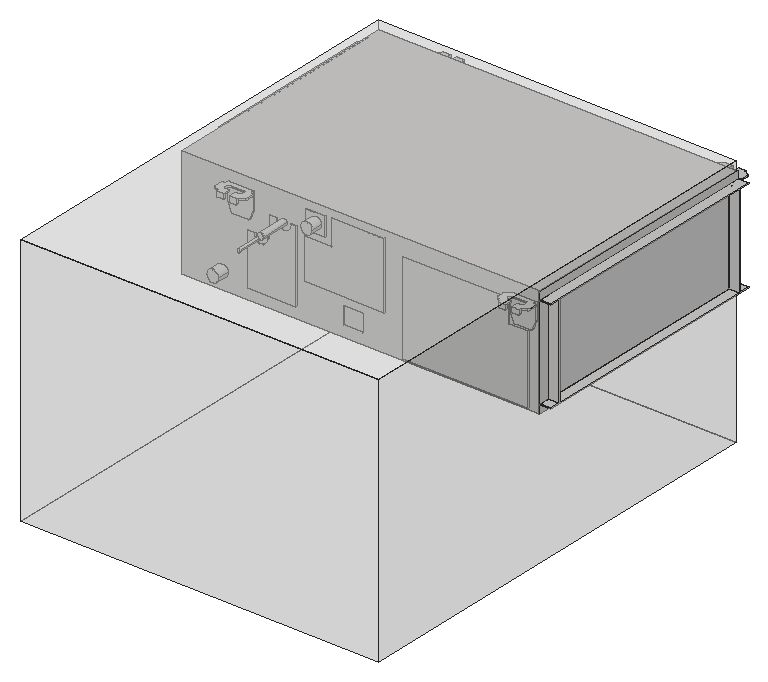
Revit family "outputfile", category 機械設備, Revit 2024
Family settings
  丸型コネクタ寸法 = 半径を使用
  パーツ タイプ = 標準
  OmniClass 番号 = 23.75.10.24.21.27.27
  OmniClass タイトル = Split System Air Conditioning Units
  作業面ベース = いいえ
  常に垂直 = はい
  ロード時にボイドで切り取り = いいえ
  注釈の向きを維持 = いいえ
  共有 = いいえ
  部屋計算ポイント = はい
Parameters (values of type "FXSA20AVM")
  製造元 = "Daikin"
  書き出し IFC クラス(タイプ) = "IfcUnitaryEquipmentType"
  定義済み IFC タイプ(タイプ) = "AIRCONDITIONINGUNIT"
  モデル = "FXSA20AVM"
  switch_frequency = yes
  r_Liquid Pipe Size = Liquid Pipe Size / 2  # 3.2 mm
  r_Gas Pipe Size = Gas Pipe Size / 2  # 6.35 mm
  r_Drain Pipe Size = Drain Pipe Size / 2  # 12.5 mm
  lw_power = 770.0 mm
  lh_SA = 138.0 mm
  lw_SA = if(Width = 550.0 mm, 225.0 mm, if(Width = 700.0 mm, 300.0 mm, if(Width = 1000.0 mm, 450.0 mm, if(Width = 1400.0 mm, 650.0 mm, 725.0 mm))))  # 225.0 mm
  lw_RA = if(Width = 550.0 mm, 275.0 mm, if(Width = 700.0 mm, 349.0 mm, if(Width = 1000.0 mm, 499.0 mm, if(Width = 1400.0 mm, 699.0 mm, 775.0 mm))))  # 275.0 mm
  lh_power = 60.0 mm + [h***]  # 60.0 mm
  lh_mountinghole1 = lh_mountinghole + [h***]  # 222.0 mm
  lh_RA = 123.0 mm
  ld_power = Width / 2  # 275.0 mm
  connector_voltage = Voltage_50Hz  # 220 V
  connector_powerinput = [Power Input (Cooling)]  # 0.058 kW
  connector_phase = Phase_50Hz  # 1
  Voltage_comment_60Hz = "220-230"
  Voltage_comment_50Hz = "220-240"
  Voltage_60Hz = 220 V
  Voltage_50Hz = 220 V
  Total Heating Capacity [instance] = 0.000 kW
  Supply Air Direction [instance] = yes
  Sound Power Level_H speed (dB) = 61
  Power Input (Heating) = 0.053 kW
  Phase_60Hz = 1
  Phase_50Hz = 1
  Nominal Heating Capacity = 2.500 kW
  Minimum External Static Pressure = 30.00 Pa
  Minimum Circuit Amps_60Hz = 0.8 A
  Minimum Circuit Amps_50Hz = 0.8 A
  Maximum Fuse Amps_60Hz = 16.0 A
  Maximum Fuse Amps_50Hz = 16.0 A
  Maximum External Static Pressure = 150.00 Pa
  Material_Casing = DAIKIN_GalvanizedSteel_Casing_indoorunit
  lw_mountinghole = 630.0 mm
  lh_gaspipe = 183.0 mm + [h***]  # 183.0 mm
  lh_mountinghole = 222.0 mm
  lh_liquidpipe = 136.0 mm + [h***]  # 136.0 mm
  lh_drainpipe = 207.0 mm + [h***]  # 207.0 mm
  lh_antena = Height - lh_mountinghole + 1.0 mm  # 24.0 mm
  ld_drainpipe = Width / 2 + 26.0 mm  # 301.0 mm
  ld_liquidpipe = 339.0 mm
  ld_gaspipe = Width / 2 + 65.0 mm  # 340.0 mm
  ld_mountinghole = Width + 38.0 mm  # 588.0 mm
  h*** = 0.0 mm
  lw_liquidpipe = 179.0 mm
  lw_gaspipe = 229.0 mm
  lw_drainpipe = 300.0 mm
  Width = 550.0 mm
  Version = "ver.1.0"
  Unit Type = "Duct_M.S.P."
  Unit Mass Weight = 25.00 kg
  Unit Designation [instance] = ""
  Uniclass2015Version = "Products v1.30"
  Uniclass2015Title = "Variable refrigerant flow units"
  Uniclass2015Code = "Pr_70_65_03_94"
  Total Cooling Capacity [instance] = 0.000 kW
  Sound Pressure Level_M speed (dBA) = 30
  Sound Pressure Level_L speed (dBA) = 28
  Sound Pressure Level_H speed (dBA) = 33
  Series = "VRV Fan Coil Unit"
  Sensible Cooling Capacity [instance] = 0.000 kW
  SA Duct Size Width = 337.0 mm
  SA Duct Size Height = 176.0 mm
  Refrigerant Type = "R32"
  RA Duct Size Width = 502.0 mm
  RA Duct Size Height = 208.0 mm
  Power Input (Cooling) = 0.058 kW
  Option Accessory 3 [instance] = ""
  Option Accessory 2 [instance] = ""
  Option Accessory 1 [instance] = ""
  Nominal Cooling Capacity = 2.200 kW
  Minimum Airflow = 390.00 m³/h
  Median Airflow = 450.00 m³/h
  Maximum Airflow = 540.00 m³/h
  Load Classification = HVAC
  Liquid Pipe Size = 6.4 mm
  Link_Nested Family [instance] = ""
  IfcVersion = ""
  IfcExportType = "AIRCONDITIONINGUNIT"
  IfcExportAs = "IfcUnitaryEquipmentType"
  Height = 245.0 mm
  Heating Entering Wet Bulb Temperature [instance] = -273.15 °C
  Heating Entering Dry Bulb Temperature [instance] = -273.15 °C
  Heating Ambient Wet Bulb Temperature [instance] = -273.15 °C
  Heating Ambient Dry Bulb Temperature [instance] = -273.15 °C
  Heat Exchanger Type = "Cross Fin Coil"
  Gas Pipe Size = 12.7 mm
  Frequency_60Hz = 60 Hz
  Frequency_50Hz = 50 Hz
  Fan Type = "Sirocco Fan"
  Fan Drive = "Direct Drive"
  FCU Tag No. [instance] = ""
  Drain Pipe Size = 25.0 mm
  Design Supply Airflow [instance] = 0.00 m³/h
  Design Return Airflow [instance] = 0.00 m³/h
  Design External Static Pressure [instance] = 0.00 Pa
  Depth = 800.0 mm
  既定の高さ = 0.0 mm
  Cooling Entering Wet Bulb Temperature [instance] = 0.00 °C
  Cooling Entering Dry Bulb Temperature [instance] = 0.00 °C
  Cooling Ambient Wet Bulb Temperature [instance] = 0.00 °C
  Cooling Ambient Dry Bulb Temperature [instance] = 0.00 °C
  Clearance visibility [instance] = yes
  Clearance Top = 20.0 mm
  Clearance Right = 0.0 mm
  Clearance Rear = 0.0 mm
  Clearance Left = 0.0 mm
  Clearance Front = 450.0 mm
  Clearance Bottom = 300.0 mm
Reference planes
  plane 1 "Center (Front/Back)": y = 0
  plane 2 "h": z = 0
  plane 3 "Center (Left/Right)": x = 0
  plane 4 "Back": y = 275
  plane 5 "Front": y = -275
  plane 6 "Left": x = -400
  plane 7 "Right": x = 400
  plane 8 "Top": z = 0
  plane 9 "Bottom": z = -245
  plane 10: y = -215
  plane 11: y = 275
  plane 12: y = -725
  plane 13: x = -400
  plane 14: x = 400
  plane 15: z = 20
  plane 16: z = -545
  plane 17: x = -400
  plane 18: x = -399
  plane 19: x = 399
  plane 20: y = 50
  plane 21: y = 0
  plane 22: z = -122
  plane 23: y = -276
  plane 24: z = -109
  plane 25: x = -221
  plane 26: y = -340
  plane 27: z = -62
  plane 28: x = -171
  plane 29: y = -301
  plane 30: z = -38
  plane 31: x = -100
  plane 32: x = -100
  plane 33: x = -221
  plane 34: x = -171
  plane 35: x = 370
  plane 36: x = -266
  plane 37: x = 364
  plane 38: y = -294
  plane 39: y = 294
  plane 40: z = -23
  plane 41: z = -107
  plane 42: y = -339
  plane 43: z = -207
  plane 44: x = -309
  plane 45: y = -376
  plane 46: x = -251
  plane 47: x = -203
  plane 48: x = -144
  plane 49: z = -59
  plane 50: z = -106
  plane 51: z = -221
  plane 52: z = -109
  plane 53: x = -221
  plane 54: z = -62
  plane 55: x = -171
  plane 56: z = -17
  plane 57: z = -59
  plane 58: x = -121
  plane 59: x = -79
  plane 60: x = -125
  plane 61: x = -64
  plane 62: x = 53
  plane 63: z = -164
  plane 64: z = -73
  plane 65: z = -16
  plane 66: x = 93.5
  plane 67: x = 374.5
  plane 68: x = 330
  plane 69: z = -88.5
  plane 70: z = -38
  plane 71: z = -242.5
  plane 72: x = -38.5
  plane 73: x = 6.5
  plane 74: z = -181
  plane 75: z = -221
  plane 76: y = -274
  plane 77: x = -424
  plane 78: x = 424
Forms (mm)
  Extrusion 1, solid, material "DAIKIN_GalvanizedSteel_Casing_indoorunit" <- "Material_Casing"
    sketch origin (0, 0, 0) x (1, 0, 0) y (0, 1, 0)
      loop
        line (-399, 275) -> (-399, -275) -> (399, -275) -> (399, 275) -> (-399, 275)
    from -245 to 0
  Extrusion 2, solid, material "DAIKIN_GalvanizedSteel_Casing_indoorunit" <- "Material_Casing"
    sketch origin (0, 0, 0) x (1, 0, 0) y (0, 0, 1)
      loop
        line (-251, -221) -> (-144, -221) -> (-144, -59) -> (-154.47, -59)
        arc (-154.47, -59) -> (-171, -78.8) -> (-187.53, -59) r 16.8
        line (-187.53, -59) -> (-203, -59) -> (-203, -106) -> (-206.916, -106)
        arc (-206.916, -106) -> (-221, -123.4) -> (-235.084, -106) r 14.4
        line (-235.084, -106) -> (-251, -106) -> (-251, -221)
    from 275 to 276
  Extrusion 3, solid, material "DAIKIN_GalvanizedSteel_Casing_indoorunit" <- "Material_Casing"
    sketch origin (0, 0, 0) x (1, 0, 0) y (0, 0, 1)
      loop
        line (-121, -17) -> (-121, -59) -> (-79, -59) -> (-79, -17) -> (-121, -17)
      loop
        line (-125, -73) -> (-125, -164) -> (53, -164) -> (53, -16) -> (-64, -16) -> (-64, -73) -> (-125, -73)
    from 275 to 276
  Extrusion 4, solid, material "DAIKIN_GalvanizedSteel_Casing_indoorunit" <- "Material_Casing"
    sketch origin (0, 0, 0) x (1, 0, 0) y (0, 0, 1)
      loop
        line (93.5, -38) -> (93.5, -242.5) -> (374.5, -242.5) -> (374.5, -88.5) -> (330, -88.5) -> (330, -38) -> (93.5, -38)
    from 275 to 276
  Extrusion 5, solid, material "DAIKIN_GalvanizedSteel_Casing_indoorunit" <- "Material_Casing"
    sketch origin (0, 0, 0) x (1, 0, 0) y (0, 0, 1)
      loop
        circle (-221, -109) r 3.2
    from 275 to 339
  Extrusion 6, solid, material "DAIKIN_GalvanizedSteel_Casing_indoorunit" <- "Material_Casing"
    sketch origin (0, 0, 0) x (1, 0, 0) y (0, 0, 1)
      loop
        circle (-171, -62) r 6.35
    from 275 to 340
  Extrusion 7, solid, material "DAIKIN_GalvanizedSteel_Casing_indoorunit" <- "Material_Casing"
    sketch origin (0, 0, 0) x (1, 0, 0) y (0, 0, 1)
      loop
        circle (-100, -38) r 12.5
    from 276 to 301
  Extrusion 8, solid, material "DAIKIN_GalvanizedSteel_Casing_indoorunit" <- "Material_Casing"
    sketch origin (0, 0, 0) x (1, 0, 0) y (0, 0, 1)
      loop
        circle (-309, -207) r 13
    from 275 to 301
  Extrusion 9, void
    sketch origin (0, 0, 0) x (1, 0, 0) y (0, 0, 1)
      loop
        line (-38.5, -181) -> (-38.5, -221) -> (6.5, -221) -> (6.5, -181) -> (-38.5, -181)
    from 274 to 275
Cuts and joins
  Extrusion 9 cuts Extrusion 1
Dimensions and locks
  "Height": plane 8 "Top" to plane 9 "Bottom"
  equal spacing: plane 4 "Back", plane 1 "Center (Front/Back)", plane 5 "Front"
  "Width": plane 4 "Back" to plane 5 "Front"
  equal spacing: plane 6 "Left", plane 3 "Center (Left/Right)", plane 7 "Right"
  "Depth": plane 6 "Left" to plane 7 "Right"
  "Clearance Left": plane 13 to plane 6 "Left"
  "Clearance Right": plane 7 "Right" to plane 14
  "Clearance Rear": plane 11 to plane 4 "Back"
  "Clearance Front": plane 5 "Front" to plane 12
  "Clearance Top": plane 15 to plane 8 "Top"
  "Clearance Bottom": plane 9 "Bottom" to plane 16
  locked: plane 17 to plane 18 at 1
  locked: plane 19 to plane 14 at 1
  "lw_SA": plane 11 to plane 20
  "lw_RA": plane 21 to plane 5 "Front"
  "lh_RA": plane 22 to plane 9 "Bottom"
  locked: plane 5 "Front" to plane 23 at 1
  "lw_liquidpipe": plane 25 to plane 6 "Left"
  "lh_liquidpipe": plane 24 to plane 9 "Bottom"
  "lh_gaspipe": plane 27 to plane 9 "Bottom"
  "lw_gaspipe": plane 28 to plane 6 "Left"
  "ld_gaspipe": plane 26 to plane 1 "Center (Front/Back)"
  "ld_drainpipe": plane 29 to plane 1 "Center (Front/Back)"
  "lh_drainpipe": plane 30 to plane 9 "Bottom"
  "lw_drainpipe": plane 31 to plane 6 "Left"
  "lw_drainpipe": plane 6 "Left" to plane 32
  "lw_liquidpipe": plane 6 "Left" to plane 33
  "lw_gaspipe": plane 6 "Left" to plane 34
  "lw_power": plane 6 "Left" to plane 35
  locked: plane 17 to plane 36 at 134
  "lw_mountinghole": plane 36 to plane 37
  equal spacing: plane 38, plane 1 "Center (Front/Back)", plane 39
  "ld_mountinghole": plane 39 to plane 38
  "lh_mountinghole": plane 40 to plane 9 "Bottom"
  "lh_SA": plane 41 to plane 9 "Bottom"
  locked: plane 44 to plane 6 "Left" at 91
  locked: plane 43 to plane 9 "Bottom" at 38
  plane 48 to plane 47 to plane 46 to plane 6 "Left" = 59.0 mm, 48.0 mm, 149.0 mm
  plane 8 "Top" to plane 49 to plane 50 to plane 51 = 59.0 mm locked, 47.0 mm locked, 115.0 mm locked
  plane 55 to plane 53 to plane 6 "Left" = 50.0 mm locked, 179.0 mm locked
  plane 54 to plane 52 to plane 9 "Bottom" = 47.0 mm locked, 136.0 mm locked
  plane 59 to plane 58 to plane 6 "Left" = 42.0 mm locked, 279.0 mm locked
  plane 8 "Top" to plane 56 to plane 57 = 17.0 mm locked, 42.0 mm locked
  plane 62 to plane 61 to plane 60 to plane 6 "Left" = 117.0 mm, 61.0 mm, 275.0 mm
  plane 8 "Top" to plane 65 to plane 64 = 16.0 mm locked, 57.0 mm locked
  locked: plane 65 to plane 63 at 148
  plane 8 "Top" to plane 70 to plane 69 to plane 71 = 38.0 mm locked, 50.5 mm locked, 154.0 mm locked
  plane 67 to plane 68 to plane 66 to plane 6 "Left" = 44.5 mm locked, 236.5 mm locked, 493.5 mm locked
  plane 8 "Top" to plane 74 to plane 75 = 181.0 mm locked, 40.0 mm locked
  plane 73 to plane 72 to plane 6 "Left" = 45.0 mm, 361.5 mm
  locked: plane 76 to plane 5 "Front" at 1
  locked: plane 77 to plane 17 at 24
  locked: plane 14 to plane 78 at 24
  "ld_liquidpipe": plane 42 to plane 1 "Center (Front/Back)"
  "r_Liquid Pipe Size": radius of Extrusion 5 sketch curve
  "r_Gas Pipe Size": radius of Extrusion 6 sketch curve
  "r_Drain Pipe Size": radius of Extrusion 7 sketch curve
  aligned and locked: level to plane 2 "h"
  aligned and locked: plane 8 "Top" to Extrusion 1
  aligned and locked: Extrusion 1 to plane 9 "Bottom"
  aligned and locked: nested 5 to plane 12
  aligned and locked: plane 13 to nested 5
  aligned and locked: plane 14 to nested 5
  aligned and locked: nested 5 to plane 13
  aligned and locked: plane 11 to nested 5
  aligned and locked: plane 15 to nested 5
  aligned and locked: plane 16 to nested 5
  aligned and locked: plane 5 "Front" to Extrusion 1 sketch curve
  aligned and locked: Extrusion 1 to plane 18
  aligned and locked: plane 19 to Extrusion 1
  aligned and locked: nested 7 to plane 18
  aligned and locked: nested 7 to plane 20
  aligned and locked: plane 19 to nested 8
  aligned and locked: plane 21 to nested 8
  aligned and locked: plane 22 to nested 8
  aligned and locked: Extrusion 2 to plane 23
  aligned and locked: plane 5 "Front" to Extrusion 2
  aligned and locked: Extrusion 3 to plane 23
  aligned and locked: plane 5 "Front" to Extrusion 3
  aligned and locked: plane 5 "Front" to Extrusion 4
  aligned and locked: Extrusion 5 sketch curve to plane 25
  aligned and locked: plane 24 to Extrusion 5 sketch curve
  aligned and locked: plane 5 "Front" to Extrusion 5
  aligned and locked: Extrusion 6 sketch curve to plane 28
  aligned and locked: plane 27 to Extrusion 6 sketch curve
  aligned and locked: plane 5 "Front" to Extrusion 6
  aligned and locked: Extrusion 7 sketch curve to plane 31
  aligned and locked: Extrusion 7 sketch curve to plane 30
  aligned and locked: Extrusion 7 to plane 29
  aligned and locked: plane 23 to Extrusion 7
  aligned and locked: nested 3 to plane 29
  aligned and locked: plane 32 to nested 3
  aligned and locked: nested 2 to plane 33
  aligned and locked: nested 1 to plane 34
  aligned and locked: Extrusion 6 to plane 26
  aligned and locked: nested 1 to plane 26
  aligned and locked: nested 6 to plane 5 "Front"
  aligned and locked: plane 35 to nested 6
  aligned and locked: plane 36 to nested 10
  aligned and locked: nested 10 to plane 5 "Front"
  aligned and locked: plane 37 to nested 9
  aligned and locked: nested 9 to plane 5 "Front"
  aligned and locked: nested 11 to plane 36
  aligned and locked: plane 4 "Back" to nested 11
  aligned and locked: nested 12 to plane 37
  aligned and locked: plane 4 "Back" to nested 12
  aligned and locked: plane 40 to nested 10
  aligned and locked: plane 40 to nested 11
  aligned and locked: plane 40 to nested 9
  aligned and locked: plane 40 to nested 12
  aligned and locked: plane 36 to nested 14
  aligned and locked: nested 14 to plane 39
  aligned and locked: plane 37 to nested 13
  aligned and locked: nested 13 to plane 39
  aligned and locked: plane 37 to nested 16
  aligned and locked: plane 38 to nested 16
  aligned and locked: plane 38 to nested 15
  aligned and locked: plane 36 to nested 15
  aligned and locked: plane 17 to plane 6 "Left"
  aligned and locked: plane 41 to nested 7
  aligned and locked: Extrusion 5 to plane 42
  aligned and locked: nested 2 to plane 42
  aligned and locked: Extrusion 8 sketch curve to plane 44
  aligned and locked: plane 43 to Extrusion 8 sketch curve
  aligned and locked: plane 5 "Front" to Extrusion 8
  aligned and locked: Extrusion 3 sketch curve to plane 56
  aligned and locked: Extrusion 3 sketch curve to plane 58
  aligned and locked: plane 57 to Extrusion 3 sketch curve
  aligned and locked: plane 59 to Extrusion 3 sketch curve
  aligned and locked: Extrusion 4 to plane 23
  aligned and locked: Extrusion 9 sketch curve to plane 74
  aligned and locked: plane 75 to Extrusion 9 sketch curve
  aligned and locked: plane 73 to Extrusion 9 sketch curve
  aligned and locked: plane 5 "Front" to Extrusion 9
  aligned and locked: plane 76 to Extrusion 9
  aligned and locked: nested 17 to plane 20
  aligned and locked: nested 17 to plane 77
  aligned and locked: plane 21 to nested 18
  aligned and locked: plane 78 to nested 18
  aligned and locked: plane 41 to nested 17
  aligned and locked: nested 18 to plane 22
  aligned and locked: nested 4 to plane 3 "Center (Left/Right)"
  aligned and locked: plane 1 "Center (Front/Back)" to nested 4
  aligned and locked: level to plane 8 "Top"
  aligned and locked: Extrusion 8 to plane 29
Automatic sketch dimensions
  plane 6 "Left" to Extrusion 1 sketch curve = 1.0 mm
  Extrusion 1 sketch curve to plane 7 "Right" = 1.0 mm
  Extrusion 1 sketch curve to plane 4 "Back" = 0.0 mm
  Extrusion 2 sketch curve to plane 46 = 0.0 mm
  Extrusion 2 sketch curve to plane 33 = 0.0 mm
  Extrusion 2 sketch curve to plane 47 = 0.0 mm
  Extrusion 2 sketch curve to plane 34 = 0.0 mm
  Extrusion 2 sketch curve to plane 48 = 0.0 mm
  Extrusion 2 sketch curve to plane 51 = 0.0 mm
  Extrusion 2 sketch curve to plane 52 = 0.0 mm
  Extrusion 2 sketch curve to plane 50 = 0.0 mm  (x3)
  Extrusion 2 sketch curve to plane 54 = 0.0 mm
  Extrusion 2 sketch curve to plane 49 = 0.0 mm  (x3)
  plane 33 to Extrusion 2 sketch curve = 14.084 mm
  plane 34 to Extrusion 2 sketch curve = 16.53 mm
  Extrusion 3 sketch curve to plane 60 = 0.0 mm
  Extrusion 3 sketch curve to plane 61 = 0.0 mm
  Extrusion 3 sketch curve to plane 62 = 0.0 mm
  Extrusion 3 sketch curve to plane 63 = 0.0 mm
  Extrusion 3 sketch curve to plane 64 = 0.0 mm
  Extrusion 3 sketch curve to plane 65 = 0.0 mm
  Extrusion 4 sketch curve to plane 66 = 0.0 mm
  Extrusion 4 sketch curve to plane 68 = 0.0 mm
  Extrusion 4 sketch curve to plane 67 = 0.0 mm
  Extrusion 4 sketch curve to plane 71 = 0.0 mm
  Extrusion 4 sketch curve to plane 69 = 0.0 mm
  Extrusion 4 sketch curve to plane 70 = 0.0 mm
  Extrusion 9 sketch curve to plane 72 = 0.0 mm
  radius of Extrusion 8 sketch curve = 13.0 mm
Nested families
  nested 1: "daikin_connector_rotate2" at (-171, 0, -62), length <- "ld_gaspipe", built-in parameter 1001364 <- "lh_gaspipe", radius <- "r_Gas Pipe Size", type "daikin_connector_rotate2"
    with radius 6.35 mm, length 340.0 mm, angle_vertical 90.00°
  nested 2: "daikin_connector_rotate2" at (-221, 0, -109), length <- "ld_liquidpipe", built-in parameter 1001364 <- "lh_liquidpipe", radius <- "r_Liquid Pipe Size", type "daikin_connector_rotate2"
    with radius 3.2 mm, length 339.0 mm, angle_vertical 90.00°
  nested 3: "daikin_connector_rotate2" at (-100, 0, -38), length <- "ld_drainpipe", built-in parameter 1001364 <- "lh_drainpipe", radius <- "r_Drain Pipe Size", type "daikin_connector_rotate2"
    with radius 12.5 mm, length 301.0 mm, angle_vertical 90.00°
  nested 4: "daikin_△_symbolicline" at (0, 0, 245) x (0, -1, 0) z (0, 0, 1), built-in parameter 1001364 <- "Height", visible <- "Supply Air Direction", type "daikin_△_symbolicline"
    with length 200.0 mm
  nested 5: "daikin_clearancespace" at (0, -225, -262.381), visible <- "Clearance visibility", show <- "Clearance visibility", Link_Nested Family <- "Link_Nested Family", type "daikin_clearancespace"
    with width 800.0 mm, show yes, height 565.0 mm, depth 1000.0 mm, Link_Nested Family ""
  nested 6: "daikin_connector_rotate2" at (370, 0, -185), built-in parameter 1001364 <- "lh_power", length <- "ld_power", type "daikin_connector_rotate2"
    with radius 10.0 mm, length 275.0 mm, angle_vertical 90.00°
  nested 7: "daikin_ductflange_FXSA-AVM2" at (-399, 50, -107) x (0, -1, 0) z (0, 0, 1), type "daikin_ductflange_FXSA-AVM2"
    with width 337.0 mm, w1 24.0 mm, w 550.0 mm
  nested 8: "daikin_ductflange_FXSA-AVM" at (399, 0, -122) x (0, 1, 0) z (0, 0, 1), type "daikin_ductflange_FXSA-AVM"
    with width 502.0 mm, lw 25.0 mm, w 550.0 mm
  nested 9: "FXFSA-AVM" at (364, -275, -23), type "daikin_hangerfixture_FXFSA-AVM"
  nested 10: "FXFSA-AVM" at (-266, -275, -23), type "daikin_hangerfixture_FXFSA-AVM"
  nested 11: "FXFSA-AVM" at (-266, 275, -23) x (-1, 0, 0) z (0, 0, 1), type "daikin_hangerfixture_FXFSA-AVM"
  nested 12: "FXFSA-AVM" at (364, 275, -23) x (-1, 0, 0) z (0, 0, 1), type "daikin_hangerfixture_FXFSA-AVM"
  nested 13: "daikin_mountinghole" at (364, 294, -245), h_mountinghole <- "lh_mountinghole1", l_antenna <- "lh_antena", Link_Nested Family <- "Link_Nested Family", type "daikin_mountinghole"
    with show yes, l_antenna 24.0 mm, h_mountinghole 222.0 mm, Link_Nested Family ""
  nested 14: "daikin_mountinghole" at (-266, 294, -245), h_mountinghole <- "lh_mountinghole1", l_antenna <- "lh_antena", Link_Nested Family <- "Link_Nested Family", type "daikin_mountinghole"
    with show yes, l_antenna 24.0 mm, h_mountinghole 222.0 mm, Link_Nested Family ""
  nested 15: "daikin_mountinghole" at (-266, -294, -245), h_mountinghole <- "lh_mountinghole1", l_antenna <- "lh_antena", Link_Nested Family <- "Link_Nested Family", type "daikin_mountinghole"
    with show yes, l_antenna 24.0 mm, h_mountinghole 222.0 mm, Link_Nested Family ""
  nested 16: "daikin_mountinghole" at (364, -294, -245), h_mountinghole <- "lh_mountinghole1", l_antenna <- "lh_antena", Link_Nested Family <- "Link_Nested Family", type "daikin_mountinghole"
    with show yes, l_antenna 24.0 mm, h_mountinghole 222.0 mm, Link_Nested Family ""
  nested 17: "daikin_connector_rotate2" at (-400, 50, -107) x (0, -1, 0) z (0, 0, 1), type "daikin_connector_rotate2"
    with radius 10.0 mm, length 24.0 mm, angle_vertical 90.00°
  nested 18: "daikin_connector_rotate2" at (400, 0, -122) x (0, 1, 0) z (0, 0, 1), type "daikin_connector_rotate2"
    with radius 10.0 mm, length 24.0 mm, angle_vertical 90.00°
Connectors
  piping at (-100, -301, -38), diameter 25, driven by "r_Drain Pipe Size"
    settings: on nested 3, index 3, connector inside diameter 609.6 mm, connector length 0.0 mm, flow factor 0, pipe flow 0.00 m³/h, pressure drop 0.0 Pa, fitting loss kfactor 0, connector angle 0.00°, fixture units 0, engagement length 0.0 mm, angle of deflection 0.00°, flow configuration 1, flow direction 2, fitting loss method 4, system type 16, joint type 0, gender type 0, connector reference index -1, connector utility 0, adjustable connector no, is connector primary yes, connector description "Condensate Drain Piping"
  piping at (-171, -340, -62), diameter 12.7, driven by "r_Gas Pipe Size"
    settings: on nested 1, index 4, connector inside diameter 609.6 mm, connector length 0.0 mm, flow factor 0, pipe flow 0.00 m³/h, pressure drop 0.0 Pa, fitting loss kfactor 0, connector angle 0.00°, fixture units 0, engagement length 0.0 mm, angle of deflection 0.00°, flow configuration 1, flow direction 2, fitting loss method 0, system type 29, joint type 0, gender type 0, connector reference index -1, connector utility 0, adjustable connector no, is connector primary no, connector description "Refrigerant Gas Piping"
  piping at (-221, -339, -109), diameter 6.4, driven by "r_Liquid Pipe Size"
    settings: on nested 2, index 5, connector inside diameter 609.6 mm, connector length 0.0 mm, flow factor 0, pipe flow 0.00 m³/h, pressure drop 0.0 Pa, fitting loss kfactor 0, connector angle 0.00°, fixture units 0, engagement length 0.0 mm, angle of deflection 0.00°, flow configuration 1, flow direction 1, fitting loss method 0, system type 29, joint type 0, gender type 0, connector reference index -1, connector utility 0, adjustable connector no, is connector primary no, connector description "Refrigerant Liquid Piping"
  electrical at (370, -275, -185), driven by "Load Classification", driven by "connector_voltage", driven by "connector_phase", driven by "connector_powerinput"
    settings: on nested 6, index 6, voltage 220 V, apparent load 58 VA, apparent load phase1 0 VA, apparent load phase2 0 VA, apparent load phase3 0 VA, power factor 1, load classification "HVAC", number of poles 1, system type 30, power factor state 1, is connector primary yes, connector utility no, sub classification motor no, connector description "Power Supply"
  hvac at (-424, 50, -107), driven by "SA Duct Size Height", driven by "SA Duct Size Width"
    settings: on nested 17, index 7, duct flow 0.00 m³/h, flow factor 0, pres drop 0.00 Pa, loss coef 0, conn angle 0.00°, conn width 337.0 mm, conn height 176.0 mm, conn diameter 609.6 mm, duct sys type 1, conn prof type 1, flow config 0, flow direction 2, loss method 4, conn ref index -1, conn util no, is conn primary yes, conn desc "SA Duct"
  hvac at (424, 0, -122), driven by "RA Duct Size Height", driven by "RA Duct Size Width"
    settings: on nested 18, index 8, duct flow 0.00 m³/h, flow factor 0, pres drop 0.00 Pa, loss coef 0, conn angle 0.00°, conn width 502.0 mm, conn height 208.0 mm, conn diameter 609.6 mm, duct sys type 2, conn prof type 1, flow config 0, flow direction 1, loss method 4, conn ref index -1, conn util no, is conn primary no, conn desc "RA Duct"
Definition of nested family "daikin_clearancespace"
  Parameters (values of type "daikin_clearancespace")
    Description = "daikin_clearancespace"
    width [instance] = 1823.963 mm
    show [instance] = yes
    material = none
    height [instance] = 1359.762 mm
    depth [instance] = 880.0 mm
    Default Elevation = 0.0 mm
    Link_Nested Family [instance] = ""
  Reference planes
    plane 1 "Center (Front/Back)": y = 0
    plane 2 "Center (Elevation)": z = -0.119
    plane 3 "Center (Left/Right)": x = 0
    plane 4: y = 440
    plane 5: y = -440
    plane 6 "Right": x = 911.982
    plane 7 "Left": x = -911.982
    plane 8 "Top": z = 679.762
    plane 9 "Bottom": z = -680
  Forms (mm)
    Extrusion 1, solid, material <- "material", visible <- "show"
      sketch origin (0, 0, 0) x (1, 0, 0) y (0, 1, 0)
        loop
          line (-911.982, 440) -> (-911.982, -440) -> (911.982, -440) -> (911.982, 440) -> (-911.982, 440)
      from -680 to 679.762
  Lines and regions (mm)
    symbolic lines, visible <- "show"
      curve 1: line (911.982, 440, 0) -> (-911.982, 440, 0)
      curve 2: line (-911.982, 440, 0) -> (-911.982, -440, 0)
      curve 3: line (-911.982, -440, 0) -> (911.982, -440, 0)
      curve 4: line (911.982, -440, 0) -> (911.982, 440, 0)
      curve 5: line (911.982, 0, 679.762) -> (-911.982, 0, 679.762)
      curve 6: line (911.982, 0, -680) -> (911.982, 0, 679.762)
      curve 7: line (-911.982, 0, -680) -> (911.982, 0, -680)
      curve 8: line (-911.982, 0, 679.762) -> (-911.982, 0, -680)
      curve 9: line (0, 440, 679.762) -> (0, -440, 679.762)
      curve 10: line (0, -440, 679.762) -> (0, -440, -680)
      curve 11: line (0, 440, -680) -> (0, 440, 679.762)
      curve 12: line (0, -440, -680) -> (0, 440, -680)
  Dimensions and locks
    "width": plane 7 "Left" to plane 6 "Right"
    "depth": plane 4 to plane 5
    "height": plane 8 "Top" to plane 9 "Bottom"
    equal spacing: plane 7 "Left", plane 3 "Center (Left/Right)", plane 6 "Right"
    equal spacing: plane 4, plane 1 "Center (Front/Back)", plane 5
    equal spacing: plane 8 "Top", plane 2 "Center (Elevation)", plane 9 "Bottom"
    aligned and locked: level to plane 2 "Center (Elevation)"
    aligned and locked: Extrusion 1 sketch curve to plane 4
    aligned and locked: plane 7 "Left" to Extrusion 1 sketch curve
    aligned and locked: Extrusion 1 sketch curve to plane 5
    aligned and locked: Extrusion 1 sketch curve to plane 6 "Right"
    aligned and locked: plane 8 "Top" to Extrusion 1
    aligned and locked: curve 1 to Extrusion 1
    aligned and locked: curve 2 to Extrusion 1
    aligned and locked: curve 3 to Extrusion 1
    aligned and locked: curve 4 to Extrusion 1
    aligned and locked: curve 5 to Extrusion 1
    aligned and locked: curve 6 to Extrusion 1
    aligned and locked: curve 7 to Extrusion 1
    aligned and locked: curve 8 to Extrusion 1
    aligned and locked: curve 9 to Extrusion 1
    aligned and locked: curve 10 to Extrusion 1
    aligned and locked: curve 11 to Extrusion 1
    aligned and locked: curve 12 to Extrusion 1
    aligned and locked: Extrusion 1 to plane 9 "Bottom"
Definition of nested family "daikin_ductflange_FXSA-AVM2"
  Parameters (values of type "daikin_ductflange_FBA-BVMA2")
    width = if(w = 550.0 mm, 337.0 mm, if(w = 700.0 mm, 492.0 mm, if(w = 1000.0 mm, 792.0 mm, if(w = 1400.0 mm, 1192.0 mm, 1337.0 mm))))  # 492.0 mm
    w1 = if(w = 550.0 mm, 24.0 mm, if(w = 700.0 mm, 21.5 mm, if(w = 1000.0 mm, 21.5 mm, if(w = 1400.0 mm, 21.5 mm, 24.0 mm))))  # 21.5 mm
    material = none
    height = 215.0 mm
    depth = 1.0 mm
    w = 700.0 mm
    Default Elevation = 0.0 mm
  Reference planes
    plane 1 "Center (Front/Back)": y = 0
    plane 2: z = 0
    plane 3 "Center (Left/Right)": x = 0
    plane 4: z = 88
    plane 5: z = -88
    plane 6: y = -25
    plane 7: z = 106
    plane 8: z = 89
    plane 9: y = -1
    plane 10: x = -267.5
    plane 11: x = 267.5
    plane 12: z = -106
    plane 13: z = -89
    plane 14: y = -1
    plane 15: x = 246
    plane 16: x = -246
    plane 17: x = 247
    plane 18: z = 87
    plane 19: z = -87
    plane 20: x = -247
    plane 21: z = 87
    plane 22: z = -87
    plane 23: y = -1
  Forms (mm)
    Extrusion 1, solid, material <- "material"
      sketch origin (0, 0, 0) x (0, 1, 0) y (0, 0, 1)
        loop
          line (-25, 88) -> (0, 88) -> (0, 106) -> (-1, 106) -> (-1, 89) -> (-25, 89) -> (-25, 88)
      from -267.5 to 267.5
    Extrusion 2, solid, material <- "material"
      sketch origin (0, 0, 0) x (0, 1, 0) y (0, 0, 1)
        loop
          line (-25, -88) -> (-25, -89) -> (-1, -89) -> (-1, -106) -> (0, -106) -> (0, -88) -> (-25, -88)
      from -267.5 to 267.5
    Extrusion 3, solid, material <- "material"
      sketch origin (0, 0, 0) x (1, 0, 0) y (0, 0, 1)
        loop
          line (246, 88) -> (246, -88) -> (267.5, -88) -> (267.5, -87) -> (247, -87) -> (247, 87) -> (267.5, 87) -> (267.5, 88) -> (246, 88)
      from 0 to 25
    Extrusion 4, solid, material <- "material"
      sketch origin (0, 0, 0) x (1, 0, 0) y (0, 0, 1)
        loop
          line (-267.5, 88) -> (-267.5, 87) -> (-247, 87) -> (-247, -87) -> (-267.5, -87) -> (-267.5, -88) -> (-246, -88) -> (-246, 88) -> (-267.5, 88)
      from 0 to 25
    Extrusion 5, solid, material <- "material"
      sketch origin (0, 0, 0) x (1, 0, 0) y (0, 0, 1)
        loop
          line (-267.5, 88) -> (-267.5, -88) -> (-246, -88) -> (-246, 88) -> (-267.5, 88)
        loop
          line (267.5, 88) -> (246, 88) -> (246, -88) -> (267.5, -88) -> (267.5, 88)
      from 0 to 1
  Cuts and joins
    joined: Extrusion 1, Extrusion 2, Extrusion 3, Extrusion 4, Extrusion 5
  Dimensions and locks
    plane 4 to level to plane 5 = 88.0 mm, 88.0 mm
    locked: plane 6 to plane 1 "Center (Front/Back)" at 25
    locked: plane 9 to plane 1 "Center (Front/Back)" at 1
    locked: plane 8 to plane 4 at 1
    "w1": plane 16 to plane 10
    locked: plane 17 to plane 15 at 1
    locked: plane 4 to plane 18 at 1
    locked: plane 19 to plane 5 at 1
    "width": plane 15 to plane 16
    plane 4 to plane 5 = 176.0 mm
    locked: plane 16 to plane 20 at 1
    locked: plane 4 to plane 21 at 1
    locked: plane 22 to plane 5 at 1
    locked: plane 23 to plane 1 "Center (Front/Back)" at 1
    plane 4 to level to plane 5 = 88.0 mm locked, 88.0 mm locked
    locked: plane 5 to plane 13 at 1
    locked: plane 5 to plane 12 at 18
    locked: plane 7 to plane 4 at 18
    equal spacing: plane 15, plane 3 "Center (Left/Right)", plane 16
    "w1": plane 11 to plane 15
    plane 11 to plane 10 = 535.0 mm
    aligned and locked: level to plane 2
    aligned and locked: Extrusion 1 to plane 10
    aligned and locked: plane 11 to Extrusion 1
    aligned and locked: plane 5 to Extrusion 2
    aligned and locked: Extrusion 2 to plane 1 "Center (Front/Back)"
    aligned and locked: plane 15 to Extrusion 3 sketch curve
    aligned and locked: Extrusion 3 sketch curve to Extrusion 2  (x2)
    aligned and locked: Extrusion 3 sketch curve to plane 11
    aligned and locked: plane 6 to Extrusion 3
    aligned and locked: Extrusion 2 to plane 10
    aligned and locked: plane 11 to Extrusion 2
    aligned and locked: Extrusion 4 sketch curve to Extrusion 1  (x2)
    aligned and locked: plane 5 to Extrusion 4 sketch curve
    aligned and locked: Extrusion 4 sketch curve to plane 16
    aligned and locked: Extrusion 4 sketch curve to plane 22
    aligned and locked: plane 20 to Extrusion 4 sketch curve
    aligned and locked: plane 21 to Extrusion 4 sketch curve
    aligned and locked: Extrusion 4 to plane 1 "Center (Front/Back)"
    aligned and locked: plane 6 to Extrusion 4
    aligned and locked: Extrusion 5 sketch curve to Extrusion 1  (x4)
    aligned and locked: Extrusion 5 sketch curve to Extrusion 4  (x2)
    aligned and locked: Extrusion 5 sketch curve to Extrusion 3  (x2)
    aligned and locked: Extrusion 5 to plane 1 "Center (Front/Back)"
    aligned and locked: plane 23 to Extrusion 5
  Automatic sketch dimensions
    Extrusion 1 sketch curve to plane 6 = 0.0 mm
    Extrusion 1 sketch curve to plane 7 = 0.0 mm
    Extrusion 1 sketch curve to plane 9 = 0.0 mm
    Extrusion 1 sketch curve to plane 1 "Center (Front/Back)" = 0.0 mm
    Extrusion 1 sketch curve to plane 4 = 0.0 mm
    Extrusion 1 sketch curve to plane 8 = 0.0 mm
    Extrusion 2 sketch curve to plane 6 = 0.0 mm
    plane 12 to Extrusion 2 sketch curve = 0.0 mm
    Extrusion 2 sketch curve to plane 14 = 0.0 mm
    Extrusion 2 sketch curve to plane 1 "Center (Front/Back)" = 0.0 mm
    plane 13 to Extrusion 2 sketch curve = 0.0 mm
    Extrusion 2 sketch curve to plane 5 = 0.0 mm
    Extrusion 3 sketch curve to plane 17 = 0.0 mm
    Extrusion 3 sketch curve to plane 19 = 0.0 mm
    Extrusion 3 sketch curve to plane 18 = 0.0 mm
    Extrusion 3 sketch curve to plane 4 = 0.0 mm
    Extrusion 4 sketch curve to plane 10 = 0.0 mm
Definition of nested family "daikin_ductflange_FXSA-AVM"
  Parameters (values of type "daikin_ductflange_FBFC-DVMG")
    width = if(w = 550.0 mm, 502.0 mm, if(w = 700.0 mm, 654.0 mm, if(w = 1000.0 mm, 952.0 mm, if(w = 1400.0 mm, 1352.0 mm, 1502.0 mm))))  # 654.0 mm
    material = none
    lw = if(width = 654.0 mm, 23.0 mm, 25.0 mm)  # 23.0 mm
    height = 208.0 mm
    depth = 1.0 mm
    w = 700.0 mm
    Default Elevation = 0.0 mm
  Reference planes
    plane 1 "Center (Front/Back)": y = 0
    plane 2: z = 0
    plane 3 "Center (Left/Right)": x = 0
    plane 4: z = 104
    plane 5: z = -104
    plane 6: y = -25
    plane 7: z = 121
    plane 8: z = 105
    plane 9: y = -1
    plane 10: x = -350
    plane 11: x = 350
    plane 12: z = -122
    plane 13: z = -105
    plane 14: y = -1
    plane 15: x = 327
    plane 16: x = -327
    plane 17: x = 328
    plane 18: z = 103
    plane 19: z = -103
    plane 20: x = -328
    plane 21: z = 103
    plane 22: z = -103
    plane 23: y = -1
  Forms (mm)
    Extrusion 1, solid, material <- "material"
      sketch origin (0, 0, 0) x (0, 1, 0) y (0, 0, 1)
        loop
          line (-25, 104) -> (0, 104) -> (0, 121) -> (-1, 121) -> (-1, 105) -> (-25, 105) -> (-25, 104)
      from -350 to 350
    Extrusion 2, solid, material <- "material"
      sketch origin (0, 0, 0) x (0, 1, 0) y (0, 0, 1)
        loop
          line (-25, -104) -> (-25, -105) -> (-1, -105) -> (-1, -122) -> (0, -122) -> (0, -104) -> (-25, -104)
      from -350 to 350
    Extrusion 3, solid, material <- "material"
      sketch origin (0, 0, 0) x (1, 0, 0) y (0, 0, 1)
        loop
          line (327, 104) -> (327, -104) -> (350, -104) -> (350, -103) -> (328, -103) -> (328, 103) -> (350, 103) -> (350, 104) -> (327, 104)
      from 0 to 25
    Extrusion 4, solid, material <- "material"
      sketch origin (0, 0, 0) x (1, 0, 0) y (0, 0, 1)
        loop
          line (-350, 104) -> (-350, 103) -> (-328, 103) -> (-328, -103) -> (-350, -103) -> (-350, -104) -> (-327, -104) -> (-327, 104) -> (-350, 104)
      from 0 to 25
    Extrusion 5, solid, material <- "material"
      sketch origin (0, 0, 0) x (1, 0, 0) y (0, 0, 1)
        loop
          line (-350, 104) -> (-350, -104) -> (-327, -104) -> (-327, 104) -> (-350, 104)
        loop
          line (350, 104) -> (327, 104) -> (327, -104) -> (350, -104) -> (350, 104)
      from 0 to 1
  Cuts and joins
    joined: Extrusion 1, Extrusion 2, Extrusion 3, Extrusion 4, Extrusion 5
  Dimensions and locks
    plane 4 to level to plane 5 = 104.0 mm, 104.0 mm
    locked: plane 6 to plane 1 "Center (Front/Back)" at 25
    locked: plane 9 to plane 1 "Center (Front/Back)" at 1
    locked: plane 8 to plane 4 at 1
    "lw": plane 11 to plane 15
    "lw": plane 16 to plane 10
    locked: plane 17 to plane 15 at 1
    locked: plane 4 to plane 18 at 1
    locked: plane 19 to plane 5 at 1
    "width": plane 15 to plane 16
    equal spacing: plane 15, plane 3 "Center (Left/Right)", plane 16
    locked: plane 16 to plane 20 at 1
    locked: plane 4 to plane 21 at 1
    locked: plane 22 to plane 5 at 1
    locked: plane 23 to plane 1 "Center (Front/Back)" at 1
    locked: plane 7 to plane 4 at 17
    locked: plane 1 "Center (Front/Back)" to plane 14 at 1
    locked: plane 5 to plane 13 at 1
    "height": plane 4 to plane 5
    plane 11 to plane 10 = 700.0 mm
    locked: plane 12 to plane 13 at 17
    equal spacing: plane 4, level, plane 5
    aligned and locked: level to plane 2
    aligned and locked: Extrusion 1 to plane 10
    aligned and locked: plane 11 to Extrusion 1
    aligned and locked: plane 5 to Extrusion 2
    aligned and locked: Extrusion 2 to plane 1 "Center (Front/Back)"
    aligned and locked: plane 15 to Extrusion 3 sketch curve
    aligned and locked: Extrusion 3 sketch curve to Extrusion 2  (x2)
    aligned and locked: Extrusion 3 sketch curve to plane 11
    aligned and locked: plane 6 to Extrusion 3
    aligned and locked: Extrusion 2 to plane 10
    aligned and locked: plane 11 to Extrusion 2
    aligned and locked: Extrusion 4 sketch curve to Extrusion 1  (x2)
    aligned and locked: plane 5 to Extrusion 4 sketch curve
    aligned and locked: Extrusion 4 sketch curve to plane 16
    aligned and locked: Extrusion 4 sketch curve to plane 22
    aligned and locked: plane 20 to Extrusion 4 sketch curve
    aligned and locked: plane 21 to Extrusion 4 sketch curve
    aligned and locked: Extrusion 4 to plane 1 "Center (Front/Back)"
    aligned and locked: plane 6 to Extrusion 4
    aligned and locked: Extrusion 5 sketch curve to Extrusion 1  (x4)
    aligned and locked: Extrusion 5 sketch curve to Extrusion 4  (x2)
    aligned and locked: Extrusion 5 sketch curve to Extrusion 3  (x2)
    aligned and locked: Extrusion 5 to plane 1 "Center (Front/Back)"
    aligned and locked: plane 23 to Extrusion 5
  Automatic sketch dimensions
    Extrusion 1 sketch curve to plane 6 = 0.0 mm
    Extrusion 1 sketch curve to plane 7 = 0.0 mm
    Extrusion 1 sketch curve to plane 9 = 0.0 mm
    Extrusion 1 sketch curve to plane 1 "Center (Front/Back)" = 0.0 mm
    Extrusion 1 sketch curve to plane 4 = 0.0 mm
    Extrusion 1 sketch curve to plane 8 = 0.0 mm
    Extrusion 2 sketch curve to plane 6 = 0.0 mm
    plane 12 to Extrusion 2 sketch curve = 0.0 mm
    Extrusion 2 sketch curve to plane 14 = 0.0 mm
    Extrusion 2 sketch curve to plane 1 "Center (Front/Back)" = 0.0 mm
    plane 13 to Extrusion 2 sketch curve = 0.0 mm
    Extrusion 2 sketch curve to plane 5 = 0.0 mm
    Extrusion 3 sketch curve to plane 17 = 0.0 mm
    Extrusion 3 sketch curve to plane 19 = 0.0 mm
    Extrusion 3 sketch curve to plane 18 = 0.0 mm
    Extrusion 3 sketch curve to plane 4 = 0.0 mm
    Extrusion 4 sketch curve to plane 10 = 0.0 mm
Definition of nested family "FXFSA-AVM"
  Parameters (values of type "daikin_hangerfixture_FXMQ-PAVE")
    width = 72.0 mm
    material = none
    height = 60.0 mm
    depth = 41.0 mm
    Default Elevation = 0.0 mm
  Reference planes
    plane 1 "Center (Front/Back)": y = 0
    plane 2: z = 0
    plane 3 "Center (Left/Right)": x = 0
    plane 4: y = 417.146
    plane 5: y = -41
    plane 6: x = -36
    plane 7: x = 36
    plane 8: z = -2.3
    plane 9: z = -60
    plane 10: y = -2.3
    plane 11: z = -12
    plane 12: y = -38.7
  Forms (mm)
    Extrusion 1, solid, material <- "material"
      sketch origin (0, 0, 0) x (1, 0, 0) y (0, 1, 0)
        loop
          line (-28, 0) -> (-28, -5)
          arc (-28, -5) -> (-29.127, -8.162) -> (-32, -9.899) r 5
          arc (-32, -9.899) -> (-34.873, -11.636) -> (-36, -14.798) r 5
          line (-36, -14.798) -> (-36, -27.178)
          arc (-36, -27.178) -> (-35.429, -29.499) -> (-33.846, -31.289) r 5
          line (-33.846, -31.289) -> (-23, -38.798) -> (-23, -41.098) -> (-6.5, -41.098) -> (-6.5, -28.498)
          arc (-6.5, -28.498) -> (-7.379, -26.377) -> (-9.5, -25.498) r 3
          line (-9.5, -25.498) -> (-13.5, -25.498)
          arc (-13.5, -25.498) -> (-20, -18.998) -> (-13.5, -12.498) r 6.5
          line (-13.5, -12.498) -> (13.5, -12.498)
          arc (13.5, -12.498) -> (20, -18.998) -> (13.5, -25.498) r 6.5
          line (13.5, -25.498) -> (9.5, -25.498)
          arc (9.5, -25.498) -> (7.379, -26.377) -> (6.5, -28.498) r 3
          line (6.5, -28.498) -> (6.5, -41.098) -> (23, -41.098) -> (23, -38.798) -> (33.846, -31.289)
          arc (33.846, -31.289) -> (35.429, -29.499) -> (36, -27.178) r 5
          line (36, -27.178) -> (36, -14.596)
          arc (36, -14.596) -> (34.873, -11.434) -> (32, -9.697) r 5
          arc (32, -9.697) -> (29.127, -7.96) -> (28, -4.798) r 5
          line (28, -4.798) -> (28, 0) -> (-28, 0)
      from 0 to -2.3
    Extrusion 2, solid, material <- "material"
      sketch origin (0, 0, 0) x (1, 0, 0) y (0, 0, 1)
        loop
          line (28, -39.037) -> (28, 0) -> (-28, 0) -> (-28, -39.037)
          arc (-28, -39.037) -> (-27.91, -39.983) -> (-27.642, -40.894) r 5
          line (-27.642, -40.894) -> (-21.257, -56.857)
          arc (-21.257, -56.857) -> (-19.418, -59.14) -> (-16.615, -60) r 5
          line (-16.615, -60) -> (16.615, -60)
          arc (16.615, -60) -> (19.418, -59.14) -> (21.257, -56.857) r 5
          line (21.257, -56.857) -> (27.642, -40.894)
          arc (27.642, -40.894) -> (27.91, -39.983) -> (28, -39.037) r 5
      from 0 to 2.3
    Extrusion 3, solid, material <- "material"
      sketch origin (0, 0, 0) x (1, 0, 0) y (0, 0, 1)
        loop
          line (-23, 0) -> (-23, -9)
          arc (-23, -9) -> (-22.121, -11.121) -> (-20, -12) r 3
          line (-20, -12) -> (-9.5, -12)
          arc (-9.5, -12) -> (-7.379, -11.121) -> (-6.5, -9) r 3
          line (-6.5, -9) -> (-6.5, 0) -> (-23, 0)
        loop
          line (23, 0) -> (6.5, 0) -> (6.5, -9)
          arc (6.5, -9) -> (7.379, -11.121) -> (9.5, -12) r 3
          line (9.5, -12) -> (20, -12)
          arc (20, -12) -> (22.121, -11.121) -> (23, -9) r 3
          line (23, -9) -> (23, 0)
      from 38.8 to 41.098
  Cuts and joins
    joined: Extrusion 1, Extrusion 2, Extrusion 3
  Dimensions and locks
    plane 2 to plane 8 = 2.3 mm
    "height": plane 2 to plane 9
    locked: plane 10 to plane 1 "Center (Front/Back)" at 2.3
    locked: plane 2 to plane 11 at 12
    locked: plane 12 to plane 5 at 2.3
    aligned and locked: level to plane 2
    aligned and locked: Extrusion 1 to plane 8
    aligned and locked: plane 2 to Extrusion 1
    aligned and locked: plane 2 to Extrusion 2 sketch curve
    aligned and locked: Extrusion 2 to plane 10
    aligned and locked: Extrusion 2 to plane 1 "Center (Front/Back)"
    aligned and locked: Extrusion 3 sketch curve to cut or joined group of Extrusion 1, Extrusion 2, Extrusion 3  (x3)
    aligned and locked: cut or joined group of Extrusion 1, Extrusion 2, Extrusion 3 to Extrusion 3
  Automatic sketch dimensions
    Extrusion 2 sketch curve to plane 7 = 8.0 mm
    Extrusion 2 sketch curve to plane 8 = 36.737 mm
    plane 6 to Extrusion 2 sketch curve = 19.385 mm
    Extrusion 1 sketch curve to plane 6 = 0.0 mm
    plane 1 "Center (Front/Back)" to Extrusion 1 sketch curve = 0.0 mm
    Extrusion 1 sketch curve to plane 7 = 0.0 mm
    plane 6 to Extrusion 1 sketch curve = 2.154 mm
    plane 6 to Extrusion 1 sketch curve = 3.0 mm
    Extrusion 1 sketch curve to Extrusion 1 sketch curve = 5.0 mm  (x3)
    Extrusion 1 sketch curve to plane 12 = 0.098 mm  (x2)
    Extrusion 1 sketch curve to Extrusion 1 sketch curve = 4.0 mm  (x2)
    Extrusion 1 sketch curve to plane 5 = 0.098 mm  (x2)
    Extrusion 1 sketch curve to plane 3 "Center (Left/Right)" = 6.5 mm
    plane 3 "Center (Left/Right)" to Extrusion 1 sketch curve = 6.5 mm
    Extrusion 1 sketch curve to Extrusion 1 sketch curve = 3.0 mm
    Extrusion 1 sketch curve to plane 7 = 8.0 mm
    Extrusion 1 sketch curve to plane 7 = 5.0 mm
    Extrusion 1 sketch curve to plane 7 = 3.0 mm
    Extrusion 1 sketch curve to plane 7 = 2.154 mm
    plane 12 to Extrusion 1 sketch curve = 7.411 mm  (x2)
    plane 12 to Extrusion 1 sketch curve = 10.202 mm  (x2)
    Extrusion 1 sketch curve to Extrusion 1 sketch curve = 6.5 mm  (x2)
    Extrusion 1 sketch curve to Extrusion 1 sketch curve = 12.38 mm
    Extrusion 1 sketch curve to plane 10 = 12.296 mm
    Extrusion 1 sketch curve to plane 10 = 2.7 mm
    Extrusion 1 sketch curve to plane 10 = 2.498 mm
    plane 6 to Extrusion 1 sketch curve = 4.0 mm
    Extrusion 1 sketch curve to Extrusion 1 sketch curve = 0.0 mm  (x2)
    Extrusion 1 sketch curve to plane 7 = 4.0 mm
    Extrusion 1 sketch curve to Extrusion 1 sketch curve = 4.111 mm
    Extrusion 3 sketch curve to level = 0.0 mm  (x2)
    Extrusion 3 sketch curve to plane 11 = 0.0 mm  (x2)
    plane 11 to Extrusion 3 sketch curve = 3.0 mm  (x2)
    plane 3 "Center (Left/Right)" to Extrusion 3 sketch curve = 6.5 mm
    Extrusion 3 sketch curve to Extrusion 3 sketch curve = 3.0 mm  (x2)
    Extrusion 2 sketch curve to plane 9 = 0.0 mm
    Extrusion 2 sketch curve to Extrusion 2 sketch curve = 11.385 mm
    plane 6 to Extrusion 2 sketch curve = 8.0 mm
    plane 9 to Extrusion 2 sketch curve = 20.963 mm
    Extrusion 2 sketch curve to Extrusion 2 sketch curve = 5.0 mm  (x2)
    plane 9 to Extrusion 2 sketch curve = 3.143 mm  (x3)
    Extrusion 2 sketch curve to Extrusion 2 sketch curve = 4.642 mm  (x2)
    Extrusion 2 sketch curve to Extrusion 2 sketch curve = 0.0 mm  (x2)
    Extrusion 2 sketch curve to Extrusion 2 sketch curve = 0.358 mm
    Extrusion 2 sketch curve to Extrusion 2 sketch curve = 1.857 mm  (x2)
Definition of nested family "daikin_connector_rotate2"
  Parameters (values of type "daikin_connector_rotate2")
    Default Elevation = 1219.2 mm
    show_face = no
    radius [instance] = 10.0 mm
    length [instance] = 600.0 mm
    d_surface = 10.0 mm
    angle_vertical [instance] = 90.00°
  Reference planes
    plane 1 "Center (Front/Back)": y = 0
    plane 2: z = 0
    plane 3 "Center (Left/Right)": x = 0
  Forms (mm)
    Extrusion 1, solid, visible <- "show_face"
      sketch origin (0, -600, 0) x (1, 0, 0) y (0, 0, 1)
        loop
          circle (0, 0) r 10
      from 0 to -10
  Lines and regions (mm)
    reference lines
      curve 1: line (0, 0, 0) -> (0, -600, 0)
    symbolic lines
      curve 2: circle (0, 0, 0) r 5 normal (0, 0, 1)
    model lines, visible <- "show_face"
      curve 3: line (0, 0, 0) -> (0, -600, 0)
  Dimensions and locks
    "length": curve 1 to curve 1
    "length": curve 3 to curve 3
    "d_surface": Extrusion 1 to Extrusion 1
    "radius": radius of Extrusion 1 sketch curve
    "angle_vertical": angle curve 1 to plane 1 "Center (Front/Back)"
    "angle_vertical": angle curve 3 to plane 1 "Center (Front/Back)"
    aligned and locked: level to plane 2
    aligned and locked: plane 1 "Center (Front/Back)" to curve 1
    aligned and locked: plane 2 to curve 1
    aligned and locked: plane 1 "Center (Front/Back)" to curve 2
    aligned and locked: plane 3 "Center (Left/Right)" to curve 2
    aligned and locked: plane 1 "Center (Front/Back)" to curve 3
    aligned and locked: plane 2 to curve 3
    aligned and locked: Extrusion 1 to Extrusion 1
  Automatic sketch dimensions
    Extrusion 1 sketch curve to level = 0.0 mm
    Extrusion 1 sketch curve to plane 3 "Center (Left/Right)" = 0.0 mm
    radius of curve 2 = 5.0 mm
Definition of nested family "daikin_△_symbolicline"
  Parameters (values of type "daikin_△_symbolicline")
    length [instance] = 200.0 mm
    Default Elevation = 0.0 mm
  Reference planes
    plane 1 "Center (Front/Back)": y = 0
    plane 2: z = 0
    plane 3 "Center (Left/Right)": x = 0
  Lines and regions (mm)
    symbolic lines
      curve 1: line (0, -173.205, 0) -> (100, 0, 0)
      curve 2: line (100, 0, 0) -> (-100, 0, 0)
      curve 3: line (-100, 0, 0) -> (0, -173.205, 0)
  Dimensions and locks
    equal spacing: curve 3, plane 3 "Center (Left/Right)", curve 2
    "length": curve 3 to curve 2
    "length": curve 3 to curve 3
    "length": curve 1 to curve 1
    aligned and locked: level to plane 2
    aligned and locked: curve 2 to plane 1 "Center (Front/Back)"
    aligned and locked: plane 3 "Center (Left/Right)" to curve 3
Definition of nested family "daikin_mountinghole"
  Parameters (values of type "daikin_mountinghole")
    Default Elevation = 1219.2 mm
    Type Comments = "mountinghole"
    show [instance] = yes
    material = none
    l_centerline = 100.0 mm
    l_antenna [instance] = 100.0 mm
    h_mountinghole [instance] = 0.0 mm
    d_circle = 30.0 mm
    Link_Nested Family [instance] = ""
  Reference planes
    plane 1 "Center (Front/Back)": y = 0
    plane 2: z = 0
    plane 3 "Center (Left/Right)": x = 0
    plane 4: y = 50
    plane 5: x = -50
    plane 6: x = 50
    plane 7: y = -50
    plane 8 "h_mountinghole": z = 0
    plane 9: z = 100
  Lines and regions (mm)
    model lines, detail levels fine
      curve 1: circle (0, 0, 0) r 15 normal (0, 0, 1)
      curve 2: line (-50, 0, 0) -> (50, 0, 0)
      curve 3: line (0, 50, 0) -> (0, -50, 0)
    symbolic lines, detail levels fine
      curve 4: circle (0, 0, 0) r 15 normal (0, 0, 1)
      curve 5: line (-50, 0, 0) -> (50, 0, 0)
      curve 6: line (0, 50, 0) -> (0, -50, 0)
    model lines
      curve 7: line (0, 0, 100) -> (0, 0, 0)
  Dimensions and locks
    equal spacing: plane 4, plane 1 "Center (Front/Back)", plane 7
    "l_centerline": plane 4 to plane 7
    equal spacing: plane 5, plane 3 "Center (Left/Right)", plane 6
    "l_centerline": plane 5 to plane 6
    "l_antenna": plane 9 to plane 8 "h_mountinghole"
    "h_mountinghole": plane 8 "h_mountinghole" to plane 2
    "d_circle": diameter of curve 1
    "d_circle": diameter of curve 4
    aligned and locked: level to plane 2
    aligned and locked: plane 1 "Center (Front/Back)" to curve 1
    aligned and locked: plane 3 "Center (Left/Right)" to curve 1
    aligned and locked: plane 1 "Center (Front/Back)" to curve 2
    aligned and locked: curve 3 to plane 3 "Center (Left/Right)"
    aligned and locked: plane 6 to curve 2
    aligned and locked: plane 5 to curve 2
    aligned and locked: plane 4 to curve 3
    aligned and locked: plane 7 to curve 3
    aligned and locked: plane 1 "Center (Front/Back)" to curve 4
    aligned and locked: plane 3 "Center (Left/Right)" to curve 4
    aligned and locked: plane 6 to curve 5
    aligned and locked: plane 5 to curve 5
    aligned and locked: plane 1 "Center (Front/Back)" to curve 5
    aligned and locked: plane 4 to curve 6
    aligned and locked: plane 7 to curve 6
    aligned and locked: curve 6 to plane 3 "Center (Left/Right)"
    aligned and locked: curve 7 to plane 3 "Center (Left/Right)"
    aligned and locked: plane 9 to curve 7
    aligned and locked: plane 8 "h_mountinghole" to curve 7
